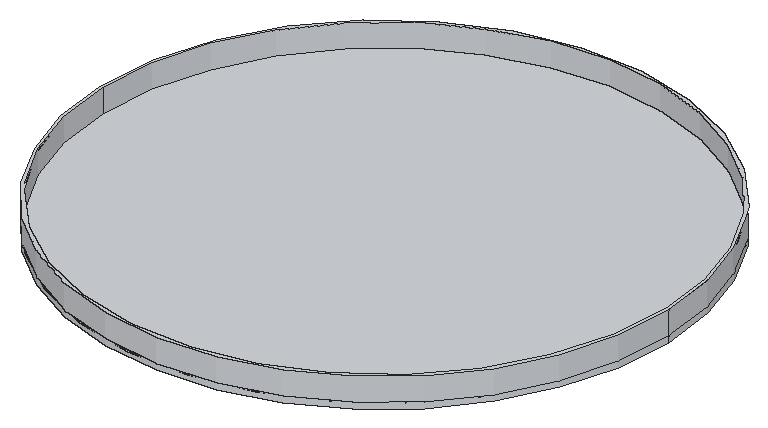
Revit family "cap_lid", category Generic Models, Revit 2025
Family settings
  Can host rebar = No
  Round Connector Dimension = Use Diameter
  Part Type = Normal
  Work Plane-Based = No
  Always vertical = Yes
  Cut with Voids When Loaded = No
  Maintain Annotation Orientation = No
  Shared = No
  Room Calculation Point = No
Parameters
  Lip Size = 0' - 0 1/4"
  Gauge = 0' - 0 1/16"
  Diameter Inner = Diameter - Gauge  # 0' - 6.00484"
  Diameter = 0' - 6.06734"
  Default Elevation = 0' - 0"
Reference planes (in)
  plane 1 "Center (Front/Back)": y = 0
  plane 2: z = 0
  plane 3 "Center (Left/Right)": x = 0
  plane 4: y = 3.03367
  plane 5: y = -3.03367
  plane 6: x = -3.03367
  plane 7: x = 3.03367
  plane 8: z = 0.0625
Forms (in)
  Extrusion 1, solid
    sketch origin (0, 0, 0) x (1, 0, 0) y (0, 1, 0)
      loop
        circle (0, 0) r 3.03367
    from 0 to 0.0625 <- "Gauge"
  Extrusion 2, solid
    sketch origin (-8.82302, -180, 0.0625) x (-1, 0, 0) y (0, -1, 0)
      loop
        circle (-8.82302, -180) r 3.03367
      loop
        circle (-8.82302, -180) r 3.00242
    from 0 to 0.25 <- "Lip Size"
Dimensions and locks (in)
  equal spacing: plane 5, plane 1 "Center (Front/Back)", plane 4
  equal spacing: plane 6, plane 3 "Center (Left/Right)", plane 7
  "Diameter": plane 4 to plane 5
  "Diameter": plane 6 to plane 7
  "Gauge": plane 8 to plane 2
  "Diameter": diameter of Extrusion 1 sketch curve
  "Diameter": diameter of Extrusion 2 sketch curve
  "Diameter Inner": diameter of Extrusion 2 sketch curve
  aligned and locked: plane 2 to level
  aligned and locked: plane 3 "Center (Left/Right)" to Extrusion 1 sketch curve
  aligned and locked: plane 1 "Center (Front/Back)" to Extrusion 1 sketch curve
  aligned and locked: plane 3 "Center (Left/Right)" to Extrusion 2 sketch curve  (x2)
  aligned and locked: plane 1 "Center (Front/Back)" to Extrusion 2 sketch curve  (x2)
